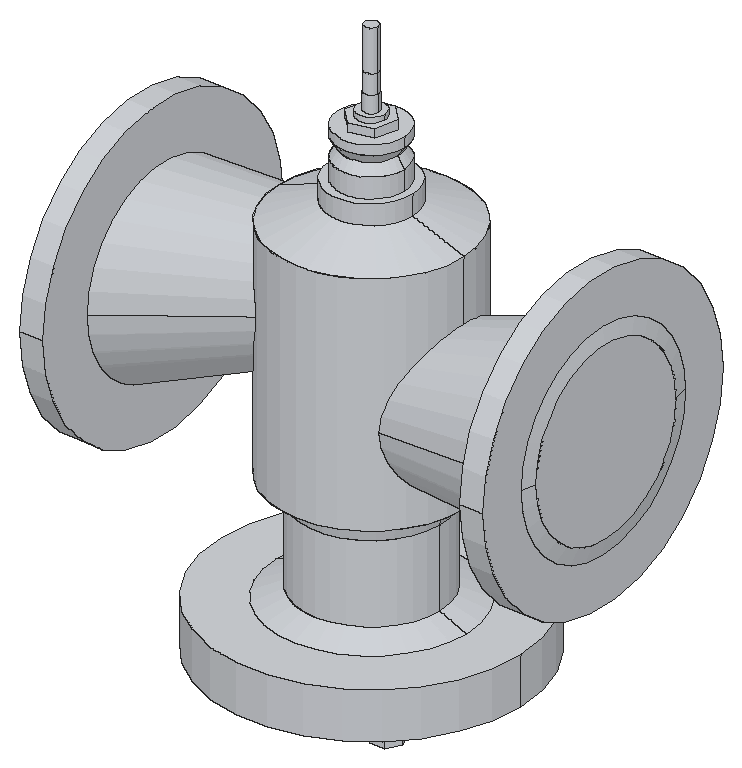
Revit family "2FGB-B_PN16_DN065_RFA_2018", category Pipe Accessories, Revit 2018
Family settings
  Round Connector Dimension = Use Diameter
  Part Type = Valve - Breaks Into
  Work Plane-Based = No
  Always vertical = Yes
  Cut with Voids When Loaded = No
  Shared = No
Parameters (values of type "2FGB-B PN16 DN065")
  magiProductId = ""
  magiProductFamilyId = ""
  magiPartTypeId = 306
  isMeasuringValve [instance] = no
  ang2D [instance] = 0.00°
  Z9 = 4.2 mm
  Z8 = 5.7 mm
  Z7 = 3 mm
  Z6 = 6 mm
  Z5 = 6 mm
  Z4 = 12 mm
  Z3 = 139.45 mm
  Z19 = 9.9 mm
  Z15 = 33.25 mm
  Z14__ve = -Z14  # -11.875 mm
  Z14 = 11.875 mm
  Z13 = 6.82 mm
  Z12 = 47.74 mm
  Z10 = 5.1 mm
  X4 = 28.6 mm
  X2__ve = -X2  # -14.3 mm
  X2 = 14.3 mm
  X1 = 2 mm
  W2D = 65 mm
  VersionID = ""
  Use Minimum Symbol Size [instance] = yes
  URL = "www.hydronix.cz"
  Type Comments = "Přírubový; EQM charakteristika; PN16; -10~+150°C; tlakově vyvážená kuželka"
  R9 = 4 mm
  R7 = 8.34 mm
  R6 = 13.9 mm
  R5 = 16.474 mm
  R4 = 20.592 mm
  R3 = 25.74 mm
  R2 = 44.25 mm
  R13 = 42.48 mm
  R12 = 4.378 mm
  R1 = 35.4 mm
  QmdConnectorList = "301;D;302;D"
  Productdata [instance] = "2FGB65B (DN65; PN16; kvs63; tlakově vyvážená kuželka)"
  Manufacturer = "Hydronix"
  Maintenance Zone Under Depth [instance] = 207 mm
  Maintenance Zone Right Depth [instance] = 175 mm
  Maintenance Zone Over Depth [instance] = 221 mm
  Maintenance Zone Left Depth [instance] = 175 mm
  Maintenance Zone Front Depth [instance] = 110 mm
  Maintenance Zone Back Depth [instance] = 110 mm
  Maintenance Zone Front Visibility [instance] = no
  LT2 = 145 mm
  L2D_Min = 3048 mm
  L2D = 290 mm
  HCDT2 = 59 mm
  H4 = 175 mm
  H3 = 95 mm
  H2 = 25 mm
  FDT2 = 92.5 mm
  Description = "2 cestný regulační ventil přírubový; DN65; PN16; kvs63; zdvih 25mm"
  D4 = 53.975 mm
  D3 = 63.5 mm
  D2 = 57.2 mm
  D = 65 mm
  CenSd_R6_6 = R6 * cos(30.00°)  # 12.037 mm
  CenSd_A_6 = A * cos(30.00°)  # 8.011 mm
  Clearance Zone Height Depth [instance] = 221 mm
  CZONC [instance] = 175 mm
  Clearance Zone Visibility [instance] = no
  B1 = 51.265 mm
  A = 9.25 mm
Types (5, lengths in mm): name | Z9 | Z8 | Z6 | Z5 | Z4 | Z3 | Z19 | Z15 | Z14__ve | Z14 | Z13 | Z12 | Z10 | X4 | X2__ve | X2 | W2D | R7 | R6 | R5 | R4 | R3 | R2 | R13 | R12 | R1 | Productdata | LT2 | L2D | HCDT2 | H4 | H3 | H2 | FDT2 | Description | D4 | D3 | D2 | D | CenSd_R6_6 | CenSd_A_6 | B1 | A
  2FGB-B PN16 DN100 | 4.165 | 5.602 | 5.95 | 5.95 | 11.9 | 168.575 | 9.767 | 40.775 | -14.562 | 14.562 | 8.12 | 56.84 | 5.082 | 34.6 | -17.3 | 17.3 | 100 | 10.089 | 16.816 | 19.93 | 24.912 | 31.14 | 57.375 | 55.08 | 5.297 | 45.9 | "2FGB100B (DN100; PN16; kvs130; tlakově vyvážená kuželka)" | 175 | 350 | 76.5 | 207 | 116.5 | 45 | 110 | "2 cestný regulační ventil přírubový; DN100; PN16; kvs130; zdvih 45mm" | 68.85 | 81 | 69.2 | 100 | 14.563 | 9.526 | 63.64 | 11
  2FGB-B PN16 DN080 | 4.2 | 5.7 | 6 | 6 | 12 | 151.95 | 9.9 | 36.75 | -13.125 | 13.125 | 7.32 | 51.24 | 5.1 | 30.6 | -15.3 | 15.3 | 80 | 8.923 | 14.872 | 17.626 | 22.032 | 27.54 | 49.875 | 47.88 | 4.685 | 39.9 | "2FGB80B (DN80; PN16; kvs100; tlakově vyvážená kuželka)" | 155 | 310 | 66.5 | 187 | 105 | 45 | 100 | "2 cestný regulační ventil přírubový; DN80; PN16; kvs100; zdvih 45mm" | 60.35 | 71 | 61.2 | 80 | 12.879 | 8.66 | 56.569 | 10
  2FGB-B PN16 DN065 | 4.2 | 5.7 | 6 | 6 | 12 | 139.45 | 9.9 | 33.25 | -11.875 | 11.875 | 6.82 | 47.74 | 5.1 | 28.6 | -14.3 | 14.3 | 65 | 8.34 | 13.9 | 16.474 | 20.592 | 25.74 | 44.25 | 42.48 | 4.378 | 35.4 | "2FGB65B (DN65; PN16; kvs63; tlakově vyvážená kuželka)" | 145 | 290 | 59 | 175 | 95 | 25 | 92.5 | "2 cestný regulační ventil přírubový; DN65; PN16; kvs63; zdvih 25mm" | 53.975 | 63.5 | 57.2 | 65 | 12.037 | 8.011 | 51.265 | 9.25
  2FGB-B PN16 DN150 | 4.2 | 5.7 | 6 | 6 | 12 | 227.45 | 9.9 | 54.95 | -19.625 | 19.625 | 10.97 | 76.79 | 5.1 | 47.6 | -23.8 | 23.8 | 150 | 13.88 | 23.134 | 27.418 | 34.272 | 42.84 | 77.625 | 74.52 | 7.287 | 62.1 | "2FGB150B (DN150; PN16; kvs300; tlakově vyvážená kuželka)" | 240 | 480 | 103.5 | 277 | 157 | 45 | 142.5 | "2 cestný regulační ventil přírubový; DN150; PN16; kvs300; zdvih 45mm" | 92.65 | 109 | 95.2 | 150 | 20.034 | 12.341 | 84.853 | 14.25
  2FGB-B PN16 DN125 | 4.2 | 5.7 | 6 | 6 | 12 | 196.45 | 9.9 | 48.65 | -17.375 | 17.375 | 9.22 | 64.54 | 5.1 | 39.6 | -19.8 | 19.8 | 125 | 11.547 | 19.246 | 22.81 | 28.512 | 35.64 | 68.625 | 65.88 | 6.062 | 54.9 | "2FGB125B (DN125; PN16; kvs200; tlakově vyvážená kuželka)" | 200 | 400 | 91.5 | 234 | 139 | 45 | 125 | "2 cestný regulační ventil přírubový; DN125; PN16; kvs200; zdvih 45mm" | 81.6 | 96 | 79.2 | 125 | 16.667 | 10.825 | 74.246 | 12.5
Reference planes
  plane 1 "Center (Front/Back)": y = 0
  plane 2 "XYPLANE": z = 0
  plane 3 "Center (Left/Right)": x = 0
  plane 4 "234": y = -51.265
  plane 5 "233": x = 51.265
  plane 6 "232": x = -51.265
  plane 7 "231": y = 51.265
  plane 8 "225": z = -165
  plane 9 "223": z = 221
  plane 10 "221": x = -175
  plane 11 "220": x = 175
  plane 12 "219": y = -110
  plane 13 "218": y = 110
  plane 14 "196": z = -207
  plane 15 "182": z = 155
  plane 16 "161": z = 143
  plane 17 "158": z = 137.3
  plane 18 "150": z = 133.1
  plane 19 "148": z = 130.1
  plane 20 "142": z = 125
  plane 21 "136": z = 119
  plane 22 "135": z = 113
  plane 23 "131": z = 107
  plane 24 "78": z = 71.25
  plane 25 "77": z = 83.125
  plane 26 "74": z = 95
  plane 27 "70": z = -68.2
  plane 28 "65": z = -75.02
  plane 29 "64": z = -81.84
  plane 30 "58": z = -129.58
  plane 31 "57": z = -136.4
  plane 32 "46": z = -175
  plane 33 "28": x = 128.7
  plane 34 "27": x = 143
  plane 35 "21": z = -20
  plane 36 "16": z = 33.25
  plane 37 "13": x = -128.7
  plane 38 "7": x = -143
  plane 39 "6": x = 145
  plane 40 "5": x = -145
  plane 41 "3": y = 0
  plane 42 "2": z = 0
  plane 43 "1": x = 0
Forms (mm)
  Extrusion 1, solid
    sketch origin (-750, 0, -175) x (1, 0, 0) y (0, 1, 0)
      loop
        line (810.515, -51.265) -> (805.89, -43.255) -> (796.64, -43.255) -> (792.015, -51.265) -> (796.64, -59.276) -> (805.89, -59.276) -> (810.515, -51.265)
    from 0 to 10
  Extrusion 2, solid
    sketch origin (-750, 0, -175) x (1, 0, 0) y (0, 1, 0)
      loop
        line (707.985, -51.265) -> (703.36, -43.255) -> (694.11, -43.255) -> (689.485, -51.265) -> (694.11, -59.276) -> (703.36, -59.276) -> (707.985, -51.265)
    from 0 to 10
  Extrusion 3, solid
    sketch origin (-750, 0, -175) x (1, 0, 0) y (0, 1, 0)
      loop
        line (810.515, 51.265) -> (805.89, 59.276) -> (796.64, 59.276) -> (792.015, 51.265) -> (796.64, 43.255) -> (805.89, 43.255) -> (810.515, 51.265)
    from 0 to 10
  Extrusion 4, solid
    sketch origin (-750, 0, -175) x (1, 0, 0) y (0, 1, 0)
      loop
        line (707.985, 51.265) -> (703.36, 59.276) -> (694.11, 59.276) -> (689.485, 51.265) -> (694.11, 43.255) -> (703.36, 43.255) -> (707.985, 51.265)
    from 0 to 10
  Blend 5, solid, visible <- "Maintenance Zone Front Visibility"
    base sketch origin (-750, 0, 221) x (1, 0, 0) y (0, 1, 0)
      loop
        line (575, 110) -> (575, -110) -> (925, -110) -> (925, 110) -> (575, 110)
    top sketch origin (-750, 0, 221) x (1, 0, 0) y (0, 1, 0)
      loop
        line (575, 110) -> (575, -110) -> (925, -110) -> (925, 110) -> (575, 110)
    from 0 to -428
  Extrusion 6, solid, visible <- "Clearance Zone Visibility"
    sketch origin (-750, 0, 0) x (1, 0, 0) y (0, 1, 0)
      loop
        circle (750, 0) r 175
    from 0 to 221 <- "Clearance Zone Height Depth"
  Extrusion 7, solid
    sketch origin (-750, 0, 133.1) x (1, 0, 0) y (0, 1, 0)
      loop
        circle (750, 0) r 4.378
    from 0 to 9.9 <- "Z19"
  Extrusion 8, solid
    sketch origin (-750, 0, 155) x (1, 0, 0) y (0, 1, 0)
      loop
        circle (750, 0) r 4
    from 0 to 25 <- "H2"
  Extrusion 9, solid
    sketch origin (-750, 0, 143) x (1, 0, 0) y (0, 1, 0)
      loop
        circle (750, 0) r 4
    from 0 to 12 <- "Z4"
  Extrusion 10, solid
    sketch origin (-750, 0, 130.1) x (1, 0, 0) y (0, 1, 0)
      loop
        circle (750, 0) r 8.34
    from 0 to 3 <- "Z7"
  Extrusion 11, solid
    sketch origin (-750, 0, 125) x (1, 0, 0) y (0, 1, 0)
      loop
        line (759.829, -9.829) -> (763.426, 3.597) -> (753.597, 13.426) -> (740.171, 9.829) -> (736.574, -3.597) -> (746.403, -13.426) -> (759.829, -9.829)
    from 0 to 5.1 <- "Z10"
  Extrusion 12, solid
    sketch origin (-750, 0, 119) x (1, 0, 0) y (0, 1, 0)
      loop
        circle (750, 0) r 20.592
    from 0 to 6 <- "Z6"
  Blend 13, solid
    base sketch origin (-750, 0, 113) x (1, 0, 0) y (0, 1, 0)
      loop
        circle (750, 0) r 16.474
    top sketch origin (-750, 0, 113) x (1, 0, 0) y (0, 1, 0)
      loop
        circle (750, 0) r 20.592
    from 0 to 6
  Blend 14, solid
    base sketch origin (-750, 0, 107) x (1, 0, 0) y (0, 1, 0)
      loop
        circle (750, 0) r 20.592
    top sketch origin (-750, 0, 107) x (1, 0, 0) y (0, 1, 0)
      loop
        circle (750, 0) r 16.474
    from 0 to 6
  Extrusion 15, solid
    sketch origin (-750, 0, 95) x (1, 0, 0) y (0, 1, 0)
      loop
        circle (750, 0) r 20.592
    from 0 to 12 <- "Z4"
  Extrusion 16, solid
    sketch origin (-750, 0, 95) x (1, 0, 0) y (0, 1, 0)
      loop
        circle (750, 0) r 25.74
    from 0 to -11.875 <- "Z14__ve"
  Blend 17, solid
    base sketch origin (-750, 0, 71.25) x (1, 0, 0) y (0, 1, 0)
      loop
        circle (750, 0) r 57.2
    top sketch origin (-750, 0, 71.25) x (1, 0, 0) y (0, 1, 0)
      loop
        circle (750, 0) r 25.74
    from 0 to 11.875
  Blend 18, solid
    base sketch origin (-750, 0, -75.02) x (1, 0, 0) y (0, 1, 0)
      loop
        circle (750, 0) r 44.25
    top sketch origin (-750, 0, -75.02) x (1, 0, 0) y (0, 1, 0)
      loop
        circle (750, 0) r 57.2
    from 0 to 6.82
  Blend 19, solid
    base sketch origin (-750, 0, -81.84) x (1, 0, 0) y (0, 1, 0)
      loop
        circle (750, 0) r 42.48
    top sketch origin (-750, 0, -81.84) x (1, 0, 0) y (0, 1, 0)
      loop
        circle (750, 0) r 44.25
    from 0 to 6.82
  Extrusion 20, solid
    sketch origin (-750, 0, -129.58) x (1, 0, 0) y (0, 1, 0)
      loop
        circle (750, 0) r 42.48
    from 0 to 47.74 <- "Z12"
  Blend 21, solid
    base sketch origin (-750, 0, -136.4) x (1, 0, 0) y (0, 1, 0)
      loop
        circle (750, 0) r 59
    top sketch origin (-750, 0, -136.4) x (1, 0, 0) y (0, 1, 0)
      loop
        circle (750, 0) r 42.48
    from 0 to 6.82
  Extrusion 22, solid
    sketch origin (-750, 0, -165) x (1, 0, 0) y (0, 1, 0)
      loop
        circle (750, 0) r 92.5
    from 0 to 28.6 <- "X4"
  Blend 23, solid
    base sketch origin (143, -750, 0) x (0, 1, 0) y (0, 0, 1)
      loop
        circle (750, 0) r 63.5
    top sketch origin (143, -750, 0) x (0, 1, 0) y (0, 0, 1)
      loop
        circle (750, 0) r 53.975
    from 0 to 2
  Blend 24, solid
    base sketch origin (-145, -750, 0) x (0, 1, 0) y (0, 0, 1)
      loop
        circle (750, 0) r 53.975
    top sketch origin (-145, -750, 0) x (0, 1, 0) y (0, 0, 1)
      loop
        circle (750, 0) r 63.5
    from 0 to 2
  Extrusion 25, solid
    sketch origin (143, -750, 0) x (0, 1, 0) y (0, 0, 1)
      loop
        circle (750, 0) r 92.5
    from 0 to -14.3 <- "X2__ve"
  Blend 26, solid
    base sketch origin (0, -750, 0) x (0, 1, 0) y (0, 0, 1)
      loop
        circle (750, -20) r 35.4
    top sketch origin (0, -750, 0) x (0, 1, 0) y (0, 0, 1)
      loop
        circle (750, 0) r 59
    from 0 to 128.7
  Extrusion 27, solid
    sketch origin (-750, 0, -68.2) x (1, 0, 0) y (0, 1, 0)
      loop
        circle (750, 0) r 57.2
    from 0 to 139.45 <- "Z3"
  Blend 28, solid
    base sketch origin (-128.7, -750, 0) x (0, 1, 0) y (0, 0, 1)
      loop
        circle (750, 0) r 59
    top sketch origin (-128.7, -750, 0) x (0, 1, 0) y (0, 0, 1)
      loop
        circle (750, 33.25) r 35.4
    from 0 to 128.7
  Extrusion 29, solid
    sketch origin (-143, -750, 0) x (0, 1, 0) y (0, 0, 1)
      loop
        circle (750, 0) r 92.5
    from 0 to 14.3 <- "X2"
  Extrusion 30, solid, not visible
    sketch origin (145, -750, 0) x (0, 1, 0) y (0, 0, 1)
      loop
        circle (750, 0) r 10
    from 0 to -10
  Extrusion 31, solid, not visible
    sketch origin (-145, -750, 0) x (0, 1, 0) y (0, 0, 1)
      loop
        circle (750, 0) r 10
    from 0 to 10
Lines and regions (mm)
  reference lines, not visible
    curve 1: circle (2, 2, 0) r 1 normal (0, 0, 1)
  reference lines
    curve 2: line (51.265, -51.265, -175) -> (48.515, -46.502, -175)
    curve 3: line (51.265, -51.265, -175) -> (45.765, -51.265, -175)
    curve 4: line (51.265, -51.265, -175) -> (48.515, -56.028, -175)
    curve 5: line (-51.265, -51.265, -175) -> (-54.015, -46.502, -175)
    curve 6: line (-51.265, -51.265, -175) -> (-56.765, -51.265, -175)
    curve 7: line (-51.265, -51.265, -175) -> (-54.015, -56.028, -175)
    curve 8: line (51.265, 51.265, -175) -> (48.515, 56.028, -175)
    curve 9: line (51.265, 51.265, -175) -> (45.765, 51.265, -175)
    curve 10: line (51.265, 51.265, -175) -> (48.515, 46.502, -175)
    curve 11: line (-51.265, 51.265, -175) -> (-54.015, 56.028, -175)
    curve 12: line (-51.265, 51.265, -175) -> (-56.765, 51.265, -175)
    curve 13: line (-51.265, 51.265, -175) -> (-54.015, 46.502, -175)
    curve 14: line (0, 0, 125) -> (2.176, 8.121, 125)
    curve 15: line (0, 0, 125) -> (-5.945, 5.945, 125)
    curve 16: line (0, 0, 125) -> (-8.121, -2.176, 125)
Dimensions and locks
  plane 1 "Center (Front/Back)" to curve 1 = 2 mm
  "B1": plane 1 "Center (Front/Back)" to plane 4 "234"
  "B1": plane 3 "Center (Left/Right)" to plane 5 "233"
  "B1": plane 3 "Center (Left/Right)" to plane 6 "232"
  "B1": plane 1 "Center (Front/Back)" to plane 7 "231"
  locked: plane 32 "46" to plane 8 "225" at 10
  "Maintenance Zone Over Depth": plane 2 "XYPLANE" to plane 9 "223"
  "Maintenance Zone Left Depth": plane 3 "Center (Left/Right)" to plane 10 "221"
  "Maintenance Zone Right Depth": plane 3 "Center (Left/Right)" to plane 11 "220"
  "Maintenance Zone Front Depth": plane 1 "Center (Front/Back)" to plane 12 "219"
  "Maintenance Zone Back Depth": plane 1 "Center (Front/Back)" to plane 13 "218"
  "Maintenance Zone Under Depth": plane 2 "XYPLANE" to plane 14 "196"
  "Z4": plane 16 "161" to plane 15 "182"
  "Z8": plane 17 "158" to plane 16 "161"
  "Z9": plane 18 "150" to plane 17 "158"
  "Z7": plane 19 "148" to plane 18 "150"
  "Z10": plane 20 "142" to plane 19 "148"
  "Z6": plane 21 "136" to plane 20 "142"
  "Z5": plane 22 "135" to plane 21 "136"
  "Z5": plane 23 "131" to plane 22 "135"
  "Z4": plane 26 "74" to plane 23 "131"
  "Z14": plane 25 "77" to plane 24 "78"
  "Z14": plane 26 "74" to plane 25 "77"
  "H3": plane 2 "XYPLANE" to plane 26 "74"
  "Z13": plane 28 "65" to plane 27 "70"
  "Z13": plane 29 "64" to plane 28 "65"
  "Z12": plane 30 "58" to plane 29 "64"
  "Z13": plane 31 "57" to plane 30 "58"
  "X4": plane 8 "225" to plane 31 "57"
  "H4": plane 2 "XYPLANE" to plane 32 "46"
  "X2": plane 34 "27" to plane 33 "28"
  "X1": plane 39 "6" to plane 34 "27"
  locked: plane 42 "2" to plane 35 "21" at 20
  "Z15": plane 42 "2" to plane 36 "16"
  "X2": plane 38 "7" to plane 37 "13"
  "X1": plane 40 "5" to plane 38 "7"
  "LT2": plane 3 "Center (Left/Right)" to plane 39 "6"
  "LT2": plane 3 "Center (Left/Right)" to plane 40 "5"
  locked: plane 1 "Center (Front/Back)" to plane 41 "3"
  locked: plane 2 "XYPLANE" to plane 42 "2"
  locked: plane 3 "Center (Left/Right)" to plane 43 "1"
  "CenSd_A_6": curve 2 to Extrusion 1 sketch curve  (x2)
  "CenSd_A_6": curve 3 to Extrusion 1 sketch curve  (x2)
  "CenSd_A_6": curve 4 to Extrusion 1 sketch curve  (x2)
  "CenSd_A_6": curve 5 to Extrusion 2 sketch curve  (x2)
  "CenSd_A_6": curve 6 to Extrusion 2 sketch curve  (x2)
  "CenSd_A_6": curve 7 to Extrusion 2 sketch curve  (x2)
  "CenSd_A_6": curve 8 to Extrusion 3 sketch curve  (x2)
  "CenSd_A_6": curve 9 to Extrusion 3 sketch curve  (x2)
  "CenSd_A_6": curve 10 to Extrusion 3 sketch curve  (x2)
  "CenSd_A_6": curve 11 to Extrusion 4 sketch curve  (x2)
  "CenSd_A_6": curve 12 to Extrusion 4 sketch curve  (x2)
  "CenSd_A_6": curve 13 to Extrusion 4 sketch curve  (x2)
  "CenSd_R6_6": curve 14 to Extrusion 11 sketch curve  (x2)
  "CenSd_R6_6": curve 15 to Extrusion 11 sketch curve  (x2)
  "CenSd_R6_6": curve 16 to Extrusion 11 sketch curve  (x2)
  "CZONC": radius of Extrusion 6 sketch curve
  "R12": radius of Extrusion 7 sketch curve
  "R9": radius of Extrusion 8 sketch curve
  "R9": radius of Extrusion 9 sketch curve
  "R7": radius of Extrusion 10 sketch curve
  "R4": radius of Extrusion 12 sketch curve
  "R4": radius of Blend 13 sketch curve
  "R5": radius of Blend 13 sketch curve
  "R5": radius of Blend 14 sketch curve
  "R4": radius of Blend 14 sketch curve
  "R4": radius of Extrusion 15 sketch curve
  "R3": radius of Extrusion 16 sketch curve
  "R3": radius of Blend 17 sketch curve
  "D2": radius of Blend 17 sketch curve
  "D2": radius of Blend 18 sketch curve
  "R2": radius of Blend 18 sketch curve
  "R2": radius of Blend 19 sketch curve
  "R13": radius of Blend 19 sketch curve
  "R13": radius of Extrusion 20 sketch curve
  "R13": radius of Blend 21 sketch curve
  "HCDT2": radius of Blend 21 sketch curve
  "FDT2": radius of Extrusion 22 sketch curve
  "D4": radius of Blend 23 sketch curve
  "D3": radius of Blend 23 sketch curve
  "D3": radius of Blend 24 sketch curve
  "D4": radius of Blend 24 sketch curve
  "FDT2": radius of Extrusion 25 sketch curve
  "HCDT2": radius of Blend 26 sketch curve
  "R1": radius of Blend 26 sketch curve
  "D2": radius of Extrusion 27 sketch curve
  "R1": radius of Blend 28 sketch curve
  "HCDT2": radius of Blend 28 sketch curve
  "FDT2": radius of Extrusion 29 sketch curve
  locked: curve 3 to curve 2 (angle 60.00°)
  locked: curve 4 to curve 3 (angle 60.00°)
  locked: curve 4 to curve 2 (angle 120.00°)
  locked: curve 6 to curve 5 (angle 60.00°)
  locked: curve 7 to curve 6 (angle 60.00°)
  locked: curve 7 to curve 5 (angle 120.00°)
  locked: curve 9 to curve 8 (angle 60.00°)
  locked: curve 10 to curve 9 (angle 60.00°)
  locked: curve 10 to curve 8 (angle 120.00°)
  locked: curve 12 to curve 11 (angle 60.00°)
  locked: curve 13 to curve 12 (angle 60.00°)
  locked: curve 13 to curve 11 (angle 120.00°)
  locked: curve 15 to curve 14 (angle 60.00°)
  locked: curve 16 to curve 15 (angle 60.00°)
  locked: curve 16 to curve 14 (angle 120.00°)
  aligned and locked: level to plane 2 "XYPLANE"
  aligned and locked: plane 4 "234" to curve 2
  aligned and locked: plane 5 "233" to curve 2
  aligned and locked: plane 4 "234" to curve 5
  aligned and locked: plane 6 "232" to curve 5
  aligned and locked: plane 5 "233" to curve 8
  aligned and locked: plane 7 "231" to curve 8
  aligned and locked: plane 6 "232" to curve 11
  aligned and locked: plane 7 "231" to curve 11
  aligned and locked: plane 13 "218" to Blend 5 sketch curve  (x4)
  aligned and locked: plane 12 "219" to Blend 5 sketch curve  (x4)
  aligned and locked: plane 10 "221" to Blend 5 sketch curve  (x4)
  aligned and locked: plane 11 "220" to Blend 5 sketch curve  (x4)
  aligned and locked: Blend 5 to plane 14 "196"
  aligned and locked: plane 41 "3" to Extrusion 6 sketch curve
  aligned and locked: plane 43 "1" to Extrusion 6 sketch curve
  aligned and locked: plane 41 "3" to Extrusion 7 sketch curve
  aligned and locked: plane 43 "1" to Extrusion 7 sketch curve
  aligned and locked: plane 41 "3" to Extrusion 8 sketch curve
  aligned and locked: plane 43 "1" to Extrusion 8 sketch curve
  aligned and locked: plane 41 "3" to Extrusion 9 sketch curve
  aligned and locked: plane 43 "1" to Extrusion 9 sketch curve
  aligned and locked: plane 41 "3" to Extrusion 10 sketch curve
  aligned and locked: plane 43 "1" to Extrusion 10 sketch curve
  aligned and locked: plane 41 "3" to curve 14
  aligned and locked: plane 43 "1" to curve 14
  aligned and locked: plane 41 "3" to Extrusion 12 sketch curve
  aligned and locked: plane 43 "1" to Extrusion 12 sketch curve
  aligned and locked: plane 41 "3" to Blend 13 sketch curve  (x2)
  aligned and locked: plane 43 "1" to Blend 13 sketch curve  (x2)
  aligned and locked: plane 21 "136" to Blend 13
  aligned and locked: plane 41 "3" to Blend 14 sketch curve  (x2)
  aligned and locked: plane 43 "1" to Blend 14 sketch curve  (x2)
  aligned and locked: plane 22 "135" to Blend 14
  aligned and locked: plane 41 "3" to Extrusion 15 sketch curve
  aligned and locked: plane 43 "1" to Extrusion 15 sketch curve
  aligned and locked: plane 41 "3" to Extrusion 16 sketch curve
  aligned and locked: plane 43 "1" to Extrusion 16 sketch curve
  aligned and locked: plane 41 "3" to Blend 17 sketch curve  (x2)
  aligned and locked: plane 43 "1" to Blend 17 sketch curve  (x2)
  aligned and locked: plane 25 "77" to Blend 17
  aligned and locked: plane 41 "3" to Blend 18 sketch curve  (x2)
  aligned and locked: plane 43 "1" to Blend 18 sketch curve  (x2)
  aligned and locked: plane 27 "70" to Blend 18
  aligned and locked: plane 41 "3" to Blend 19 sketch curve  (x2)
  aligned and locked: plane 43 "1" to Blend 19 sketch curve  (x2)
  aligned and locked: plane 28 "65" to Blend 19
  aligned and locked: plane 41 "3" to Extrusion 20 sketch curve
  aligned and locked: plane 43 "1" to Extrusion 20 sketch curve
  aligned and locked: plane 41 "3" to Blend 21 sketch curve  (x2)
  aligned and locked: plane 43 "1" to Blend 21 sketch curve  (x2)
  aligned and locked: plane 30 "58" to Blend 21
  aligned and locked: plane 41 "3" to Extrusion 22 sketch curve
  aligned and locked: plane 43 "1" to Extrusion 22 sketch curve
  aligned and locked: Blend 23 sketch curve to plane 41 "3"  (x2)
  aligned and locked: plane 42 "2" to Blend 23 sketch curve  (x2)
  aligned and locked: plane 39 "6" to Blend 23
  aligned and locked: Blend 24 sketch curve to plane 41 "3"  (x2)
  aligned and locked: plane 42 "2" to Blend 24 sketch curve  (x2)
  aligned and locked: plane 38 "7" to Blend 24
  aligned and locked: Extrusion 25 sketch curve to plane 41 "3"
  aligned and locked: plane 42 "2" to Extrusion 25 sketch curve
  aligned and locked: Blend 26 sketch curve to plane 41 "3"  (x2)
  aligned and locked: plane 42 "2" to Blend 26 sketch curve
  aligned and locked: plane 35 "21" to Blend 26 sketch curve
  aligned and locked: plane 33 "28" to Blend 26
  aligned and locked: plane 41 "3" to Extrusion 27 sketch curve
  aligned and locked: plane 43 "1" to Extrusion 27 sketch curve
  aligned and locked: plane 36 "16" to Blend 28 sketch curve
  aligned and locked: plane 41 "3" to Blend 28 sketch curve
  aligned and locked: Blend 28 sketch curve to plane 41 "3"
  aligned and locked: plane 42 "2" to Blend 28 sketch curve
  aligned and locked: plane 43 "1" to Blend 28
  aligned and locked: Extrusion 29 sketch curve to plane 41 "3"
  aligned and locked: plane 42 "2" to Extrusion 29 sketch curve
  aligned and locked: Extrusion 30 sketch curve to plane 41 "3"
  aligned and locked: plane 42 "2" to Extrusion 30 sketch curve
  aligned and locked: Extrusion 31 sketch curve to plane 41 "3"
  aligned and locked: plane 42 "2" to Extrusion 31 sketch curve
Automatic sketch dimensions
  plane 1 "Center (Front/Back)" to curve 16 = 2.176 mm
  plane 1 "Center (Front/Back)" to Extrusion 30 sketch curve = 10 mm
  plane 1 "Center (Front/Back)" to Extrusion 31 sketch curve = 10 mm
  plane 3 "Center (Left/Right)" to curve 1 = 2 mm
  radius of curve 1 = 1 mm
Connectors
  piping at (-145, 0, 0), diameter 65, driven by "D"
    settings: on Extrusion 31, index 1, connector inside diameter 609.6 mm, connector length 0 mm, flow factor 0, pipe flow 0.0 L/s, pressure drop 0.0 Pa, fitting loss kfactor 0, connector angle 0.00°, fixture units 0, engagement length 0 mm, angle of deflection 0.00°, flow configuration 0, flow direction 0, fitting loss method 0, system type 29, joint type 0, gender type 0, connector reference index 2, connector utility 0, adjustable connector no, is connector primary yes, connector description ""
  piping at (145, 0, 0), diameter 65, driven by "D"
    settings: on Extrusion 30, index 2, connector inside diameter 609.6 mm, connector length 0 mm, flow factor 0, pipe flow 0.0 L/s, pressure drop 0.0 Pa, fitting loss kfactor 0, connector angle 0.00°, fixture units 0, engagement length 0 mm, angle of deflection 0.00°, flow configuration 0, flow direction 0, fitting loss method 0, system type 29, joint type 0, gender type 0, connector reference index 1, connector utility 0, adjustable connector no, is connector primary no, connector description ""
